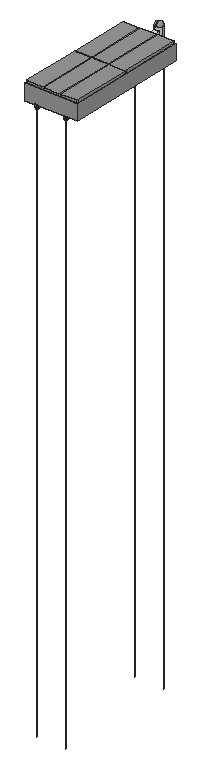
Revit family "62168", category Lighting Fixtures, host Face, Revit 2018
Family settings
  Host = Face
  Round Connector Dimension = Use Diameter
  Part Type = Normal
  OmniClass Number = 23.80.70.00
  OmniClass Title = Lighting
  Cut with Voids When Loaded = No
  Light Source = Yes
  Shared = No
  Room Calculation Point = No
Parameters (values of type "0062168 KUBIXX 4000K 32KLM AISLE SSA N")
  Weight = "n/a"
  Wattage Comments = ""
  Wattage = 9.2903 W
  WarrantyStartDate [instance] = "n/a"
  WarrantyGuarantorParts = "n/a"
  WarrantyDurationUnit = "n/a"
  WarrantyDurationParts = ""
  WarrantyDescription = "http://www.sylvania-lighting.com"
  built-in parameter 1150110 = 1 (stored number, unit not read)
  Voltage = 0 V
  URL = "0"
  TypeName = "KubiXx 4000K 32KLM AISLE SSA N"
  Type Image = <None>
  Type Comments = "n/a"
  built-in parameter 1114217 = 1 (stored number, unit not read)
  Total Length = 732 mm
  Tilt Angle = -90.00°
  built-in parameter 1150109 = 1 (stored number, unit not read)
  built-in parameter 1150134 = 3
  Suspension height = 3000 mm
  built-in parameter 1150113 = 1 (stored number, unit not read)
  SerialNumber [instance] = "n/a"
  Photometric Web File = "0062168.IES"
  Material_3_SYL = none
  PowerFactor = 0
  PowerConsumption = "Lighting"
  NominalLength = 280 mm
  NominalHeight = 94 mm
  NominalDepth = 650 mm
  Name = "KubiXx 4000K 32KLM AISLE SSA N"
  ModelReference = Name  # "KubiXx 4000K 32KLM AISLE SSA N"
  ModelNumber = "0062168"
  Model = Name  # "KubiXx 4000K 32KLM AISLE SSA N"
  Material = "Feilo Sylvania"
  ManufacturerName = "172 lm/W"
  Manufacturer = ""
  LuminousEfficacy = ""
  built-in parameter 1150105 = 109.82 (stored number, unit not read)
  Lumens = 1380 lm
  LuminaireType = "0"
  built-in parameter 1150115 = 1 (stored number, unit not read)
  LightOutputRatio = "LED"
  built-in parameter 1150137 = (empty or 0)
  built-in parameter 1150139 = (empty or 0)
  LampsType = Lamp  # "n/a"
  LampNominalLuminous = "4000 K"
  LampMacAdamStep = "80"
  LampColourTemperature = "LED"
  LampColourRenderingIndex = "16500"
  built-in parameter 1150112 = 1 (stored number, unit not read)
  built-in parameter 1150114 = 1 (stored number, unit not read)
  Lamp = "n/a"
  Keynote = "n/a"
  InstallationDate [instance] = "n/a"
  InputVoltage = "0"
  InputNominalFrequency = "4000"
  built-in parameter 1150132 = (empty or 0)
  built-in parameter 1150102 = (empty or 0)
  built-in parameter 1150107 = 3200 (stored number, unit not read)
  built-in parameter 1150138 = (empty or 0)
  IngressProtection = "IfcLightFixtureType"
  ImpactProtectionIndex = "IfcLightFixtureType"
  built-in parameter 1150106 = 1.0982 (stored number, unit not read)
  IfcExportType = "IfcLightFixtureType"
  IfcExportAs = "Class I"
  Emit from Circle Diameter = 609.6 mm
  Emit Shape Visible in Rendering = no
  ElectricShockClassification = "172"
  built-in parameter 1150104 = 13.8 (stored number, unit not read)
  DocumentationLiterature = "http://www.sylvania-lighting.com/product/en-int/products/0062168"
  DimmingControlOptions = "n/a"
  Material_2_SYL = none
  Dimming Lamp Color Temperature Shift = <None>
  Description = "Logistics and Industry high bay luminaire with wide optics to provide homogenous light distribution for open space areas. 32500lumens, 188W, 172lm/W, 4000K, CRI80, wide beam optic, SylSmart SSA dimmable, 3 step MacAdam ellipse, grey finish (RAL7012), Class 1, 220-240V, IP65, IK06."
  Default Elevation = 1219.2 mm
  CreatedOn = "09/11/2023"
  CreatedBy = "@sylvania-lighting.com"
  Cost = 0
  Color Filter = 16777215
  built-in parameter 1114216 [instance] = (empty or 0)
  ClassificationValue = "EF_70_80"
  ClassificationName = "Uniclass2015"
  Material_1_SYL = none
  BarCode [instance] = "n/a"
  built-in parameter 1114218 = 1 (stored number, unit not read)
  built-in parameter 1150133 = 10 (stored number, unit not read)
  AssetType = "Fixed"
  AssetIdentifier [instance] = "n/a"
  Assembly Code = "D5020200"
  Apparent Load = 188 VA
  Material_4_SYL = none
Reference planes
  plane 1 "Center (Front/Back)": y = 0
  plane 2: z = 0
  plane 3 "Center (Left/Right)": x = 0
  plane 4: x = -140
  plane 5: x = 140
  plane 6: y = 325
  plane 7: y = -325
  plane 8: y = 160
  plane 9: y = -160
  plane 10: x = -93.6
  plane 11: x = -89.2
  plane 12: x = -2.2
  plane 13: x = 2.2
  plane 14: x = 89.2
  plane 15: x = 93.6
  plane 16: x = 77.2
  plane 17: x = -77.2
  plane 18: x = -87.2
  plane 19: x = -67.2
  plane 20: z = -18
  plane 21: y = 162
  plane 22: z = -8
  plane 23: y = -162
  plane 24: z = 3083
  plane 25: z = 3094
  plane 26: y = 163.5
  plane 27: z = 3000
  plane 28: z = 2982
  plane 29: x = 138.6
  plane 30: x = -138.6
  plane 31: x = 134.2
  plane 32: x = -134.2
  plane 33: x = 47.2
  plane 34: x = -47.2
  plane 35: x = 42.795
  plane 36: x = -42.778
  plane 37: y = -320.6
  plane 38: y = 1
  plane 39: y = -1
  plane 40: z = 3094
  plane 41: y = 407
Forms (mm)
  Extrusion 1, solid, material "Aluminum", detail levels medium+fine
    sketch origin (0, 0, 0) x (1, 0, 0) y (0, 1, 0)
      loop
        line (-140, 325) -> (-140, -325) -> (140, -325) -> (140, 325) -> (-140, 325)
    from 3000 to 3083
  Extrusion 2, solid, material "Acetal Resin, White", detail levels medium+fine
    sketch origin (91.4, 160.6, 0) x (1, 0, 0) y (0, 1, 0)
      loop
        arc (-220.89, 160) -> (-224.425, 158.536) -> (-225.89, 155) r 5
        line (-225.89, 155) -> (-225.89, -154.6)
        arc (-225.89, -154.6) -> (-224.425, -158.136) -> (-220.89, -159.6) r 5
        line (-220.89, -159.6) -> (-143.578, -159.6)
        arc (-143.578, -159.6) -> (-140.042, -158.136) -> (-138.578, -154.6) r 5
        line (-138.578, -154.6) -> (-138.578, 155)
        arc (-138.578, 155) -> (-140.042, 158.536) -> (-143.578, 160) r 5
        line (-143.578, 160) -> (-220.89, 160)
    from 3083 to 3094
  Extrusion 3, solid, material "Acetal Resin, White", detail levels medium+fine
    sketch origin (182.8, 160.6, 0) x (1, 0, 0) y (0, 1, 0)
      loop
        arc (-130.605, 160) -> (-134.141, 158.536) -> (-135.605, 155) r 5
        line (-135.605, 155) -> (-135.605, -154.6)
        arc (-135.605, -154.6) -> (-134.141, -158.136) -> (-130.605, -159.6) r 5
        line (-130.605, -159.6) -> (-53.412, -159.6)
        arc (-53.412, -159.6) -> (-49.876, -158.136) -> (-48.412, -154.6) r 5
        line (-48.412, -154.6) -> (-48.412, 155)
        arc (-48.412, 155) -> (-49.876, 158.536) -> (-53.412, 160) r 5
        line (-53.412, 160) -> (-130.605, 160)
    from 3083 to 3094
  Extrusion 4, solid, material "Aluminum", detail levels fine
    sketch origin (0, 0, 2992) x (1, 0, 0) y (0, 0, 1)
      loop
        line (-87.2, 8) -> (-87.2, 0)
        arc (-87.2, 0) -> (-84.271, -7.071) -> (-77.2, -10) r 10
        arc (-77.2, -10) -> (-70.129, -7.071) -> (-67.2, 0) r 10
        line (-67.2, 0) -> (-67.2, 8) -> (-87.2, 8)
    from -325 to -322
  Extrusion 5, void
    sketch origin (0.086, 0, 2990.692) x (1, 0, 0) y (0, 0, 1)
      loop
        circle (-77.2, 0) r 3
    from -350.589 to 380.147
  Extrusion 6, solid, material "Aluminum", detail levels fine
    sketch origin (154.4, 0, 2992) x (1, 0, 0) y (0, 0, 1)
      loop
        line (-87.2, 8) -> (-87.2, 0)
        arc (-87.2, 0) -> (-84.271, -7.071) -> (-77.2, -10) r 10
        arc (-77.2, -10) -> (-70.129, -7.071) -> (-67.2, 0) r 10
        line (-67.2, 0) -> (-67.2, 8) -> (-87.2, 8)
    from -325 to -322
  Extrusion 7, void
    sketch origin (154.475, 0, 2991.254) x (1, 0, 0) y (0, 0, 1)
      loop
        circle (-77.2, 0) r 3
    from -394.188 to 347.516
  Extrusion 8, solid, material "Aluminum", detail levels fine
    sketch origin (0, 0, 2992) x (1, 0, 0) y (0, 0, 1)
      loop
        line (-87.2, 8) -> (-87.2, 0)
        arc (-87.2, 0) -> (-84.271, -7.071) -> (-77.2, -10) r 10
        arc (-77.2, -10) -> (-70.129, -7.071) -> (-67.2, 0) r 10
        line (-67.2, 0) -> (-67.2, 8) -> (-87.2, 8)
    from 325 to 322
  Extrusion 9, solid, material "Aluminum", detail levels fine
    sketch origin (153.445, 0, 2992) x (1, 0, 0) y (0, 0, 1)
      loop
        line (-86.235, 8) -> (-86.235, 0.111)
        arc (-86.235, 0.111) -> (-83.306, -6.96) -> (-76.235, -9.889) r 10
        arc (-76.235, -9.889) -> (-69.163, -6.96) -> (-66.235, 0.111) r 10
        line (-66.235, 0.111) -> (-66.235, 8) -> (-86.235, 8)
    from 325 to 322
  Extrusion 10, solid, material "Stainless Steel"
    sketch origin (-0.029, 159.919, 0) x (1, 0, 0) y (0, 1, 0)
      loop
        circle (-77.2, 163.5) r 1
    from 0 to 3000
  Extrusion 11, solid, material "Stainless Steel"
    sketch origin (154.4, 159.993, 0) x (1, 0, 0) y (0, 1, 0)
      loop
        circle (-77.2, 163.5) r 1
    from 0 to 3000
  Extrusion 12, solid, material "Stainless Steel"
    sketch origin (0, -327, 0) x (1, 0, 0) y (0, 1, 0)
      loop
        circle (-77.2, 3.5) r 1
    from 0 to 3000
  Extrusion 13, solid, material "Stainless Steel"
    sketch origin (154.386, -327.05, 0) x (1, 0, 0) y (0, 1, 0)
      loop
        circle (-77.2, 3.5) r 1
    from 0 to 3000
  Extrusion 14, solid, detail levels coarse
    sketch origin (0, 0, 0) x (1, 0, 0) y (0, 0, 1)
      loop
        line (-140, 3097.667) -> (-140, 0) -> (140, 0) -> (140, 3097.667) -> (-140, 3097.667)
    from -407 to 325
  Extrusion 15, solid, material "Acetal Resin, White", detail levels medium+fine
    sketch origin (181.395, 160.6, 0) x (1, 0, 0) y (0, 1, 0)
      loop
        arc (-219.21, 160) -> (-222.746, 158.536) -> (-224.21, 155) r 5
        line (-224.21, 155) -> (-224.21, -154.6)
        arc (-224.21, -154.6) -> (-222.746, -158.136) -> (-219.21, -159.6) r 5
        line (-219.21, -159.6) -> (-143.578, -159.6)
        arc (-143.578, -159.6) -> (-140.042, -158.136) -> (-138.578, -154.6) r 5
        line (-138.578, -154.6) -> (-138.578, 155)
        arc (-138.578, 155) -> (-140.042, 158.536) -> (-143.578, 160) r 5
        line (-143.578, 160) -> (-219.21, 160)
    from 3083 to 3094
  Extrusion 16, solid, material "Acetal Resin, White", detail levels medium+fine
    sketch origin (91.4, -160.6, 0) x (1, 0, 0) y (0, 1, 0)
      loop
        arc (-220.89, 159.6) -> (-224.425, 158.136) -> (-225.89, 154.6) r 5
        line (-225.89, 154.6) -> (-225.89, -155)
        arc (-225.89, -155) -> (-224.425, -158.536) -> (-220.89, -160) r 5
        line (-220.89, -160) -> (-143.578, -160)
        arc (-143.578, -160) -> (-140.042, -158.536) -> (-138.578, -155) r 5
        line (-138.578, -155) -> (-138.578, 154.6)
        arc (-138.578, 154.6) -> (-140.042, 158.136) -> (-143.578, 159.6) r 5
        line (-143.578, 159.6) -> (-220.89, 159.6)
    from 3083 to 3094
  Extrusion 17, solid, material "Acetal Resin, White", detail levels medium+fine
    sketch origin (182.8, -160.6, 0) x (1, 0, 0) y (0, 1, 0)
      loop
        arc (-130.605, 159.6) -> (-134.141, 158.136) -> (-135.605, 154.6) r 5
        line (-135.605, 154.6) -> (-135.605, -155)
        arc (-135.605, -155) -> (-134.141, -158.536) -> (-130.605, -160) r 5
        line (-130.605, -160) -> (-53.412, -160)
        arc (-53.412, -160) -> (-49.876, -158.536) -> (-48.412, -155) r 5
        line (-48.412, -155) -> (-48.412, 154.6)
        arc (-48.412, 154.6) -> (-49.876, 158.136) -> (-53.412, 159.6) r 5
        line (-53.412, 159.6) -> (-130.605, 159.6)
    from 3083 to 3094
  Extrusion 18, solid, material "Acetal Resin, White", detail levels medium+fine
    sketch origin (181.395, -160.6, 0) x (1, 0, 0) y (0, 1, 0)
      loop
        arc (-219.21, 159.6) -> (-222.746, 158.136) -> (-224.21, 154.6) r 5
        line (-224.21, 154.6) -> (-224.21, -155)
        arc (-224.21, -155) -> (-222.746, -158.536) -> (-219.21, -160) r 5
        line (-219.21, -160) -> (-143.578, -160)
        arc (-143.578, -160) -> (-140.042, -158.536) -> (-138.578, -155) r 5
        line (-138.578, -155) -> (-138.578, 154.6)
        arc (-138.578, 154.6) -> (-140.042, 158.136) -> (-143.578, 159.6) r 5
        line (-143.578, 159.6) -> (-219.21, 159.6)
    from 3083 to 3094
  Blend 19, solid
    base sketch origin (0, 160.036, -0.067) x (1, 0, 0) y (0, 1, 0)
      loop
        circle (0, 228) r 19
    top sketch origin (0, 160.036, -0.067) x (1, 0, 0) y (0, 1, 0)
      loop
        circle (0, 228) r 19
    from 3039 to 3094
  Revolve 20, solid, material "Acetal Resin, White"
    sketch origin (-0.021, 1684.036, 1219.17) x (0, 1, 0) y (0, 0, 1)
      loop
        line (-1296, 1874.8) -> (-1277, 1874.8)
        arc (-1277, 1874.8) -> (-1282.5, 1888.6) -> (-1296, 1894.8) r 20
        line (-1296, 1894.8) -> (-1296, 1874.8)
      axis (-1296, 1894.8) -> (-1296, 1874.8)
    angle from 179.389 to 539.028
  Extrusion 21, solid
    sketch origin (0, 160.036, -0.067) x (1, 0, 0) y (0, 1, 0)
      loop
        line (-13.5, 214.609) -> (-13.5, 165) -> (13.5, 165) -> (13.5, 214.609) -> (-13.5, 214.609)
    from 3039 to 3083
  Extrusion 22, void
    sketch origin (319, 1684.036, 1219.133) x (0, 1, 0) y (0, 0, 1)
      loop
        line (-1309.391, 1863.8) -> (-1359, 1863.8) -> (-1359, 1843.8) -> (-1333.226, 1843.8) -> (-1309.391, 1863.8)
    from -343.775 to -294
  Blend 23, solid, not visible
    base sketch origin (0, 0, 0) x (1, 0, 0) y (0, 1, 0)
      loop
        circle (0, 228) r 19
    top sketch origin (0, 0, 0) x (1, 0, 0) y (0, 1, 0)
      loop
        circle (0, 228) r 19
    from 3039 to 3094
  Revolve 24, solid, material "Acetal Resin, White", not visible
    sketch origin (-0.021, 1524, 1219.237) x (0, 1, 0) y (0, 0, 1)
      loop
        line (-1296, 1874.8) -> (-1277, 1874.8)
        arc (-1277, 1874.8) -> (-1282.5, 1888.6) -> (-1296, 1894.8) r 20
        line (-1296, 1894.8) -> (-1296, 1874.8)
      axis (-1296, 1894.8) -> (-1296, 1874.8)
    angle from 179.389 to 539.028
  Extrusion 25, solid, not visible
    sketch origin (0, 0, 0) x (1, 0, 0) y (0, 1, 0)
      loop
        line (-13.5, 214.609) -> (-13.5, 165) -> (13.5, 165) -> (13.5, 214.609) -> (-13.5, 214.609)
    from 3039 to 3083
  Extrusion 26, void, not visible
    sketch origin (319, 1524, 1219.2) x (0, 1, 0) y (0, 0, 1)
      loop
        line (-1309.391, 1863.8) -> (-1359, 1863.8) -> (-1359, 1843.8) -> (-1333.226, 1843.8) -> (-1309.391, 1863.8)
    from -343.775 to -294
Cuts and joins
  Extrusion 5 cuts Extrusion 4
  Extrusion 5 cuts Extrusion 8
  Extrusion 7 cuts Extrusion 6
  Extrusion 7 cuts Extrusion 9
  Extrusion 22 cuts Extrusion 21
Dimensions and locks
  "NominalLength": plane 4 to plane 5
  equal spacing: plane 4, plane 3 "Center (Left/Right)", plane 5
  "NominalDepth": plane 6 to plane 7
  equal spacing: plane 6, plane 1 "Center (Front/Back)", plane 7
  Extrusion 3 to plane 3 "Center (Left/Right)" = 47.195 mm
  plane 3 "Center (Left/Right)" to Extrusion 2 = 134.49 mm
  "Suspension height": level to plane 27
  plane 25 to plane 24 = 11 mm
  "NominalHeight": plane 27 to plane 25
  plane 14 to Extrusion 6 = 22 mm
  "Total Length": plane 41 to plane 7
  aligned and locked: plane 2 to host face
  aligned and locked: level to host face
Automatic sketch dimensions
  host sketch curve to host sketch curve = 2438.4 mm  (x2)
  Extrusion 1 sketch curve to plane 4 = 0 mm
  Extrusion 1 sketch curve to plane 5 = 0 mm
  Extrusion 1 sketch curve to plane 7 = 0 mm
  Extrusion 1 sketch curve to plane 6 = 0 mm
  plane 32 to Extrusion 2 sketch curve = 0.29 mm
  Extrusion 2 sketch curve to plane 1 "Center (Front/Back)" = 1 mm
  Extrusion 2 sketch curve to plane 32 = 4.71 mm  (x2)
  plane 34 to Extrusion 2 sketch curve = 4.978 mm  (x2)
  Extrusion 2 sketch curve to plane 34 = 0.022 mm
  plane 33 to Extrusion 3 sketch curve = 0.005 mm
  Extrusion 3 sketch curve to plane 1 "Center (Front/Back)" = 1 mm
  Extrusion 3 sketch curve to plane 33 = 4.995 mm  (x2)
  plane 31 to Extrusion 3 sketch curve = 4.812 mm  (x2)
  Extrusion 3 sketch curve to plane 31 = 0.188 mm
  Extrusion 4 sketch curve to Extrusion 4 sketch curve = 0 mm  (x2)
  Extrusion 4 sketch curve to plane 18 = 0 mm
  Extrusion 4 sketch curve to plane 17 = 0 mm
  Extrusion 4 sketch curve to plane 28 = 0 mm
  Extrusion 4 sketch curve to plane 27 = 0 mm
  plane 17 to Extrusion 5 sketch curve = 0.086 mm
  plane 28 to Extrusion 5 sketch curve = 8.692 mm
  Extrusion 6 sketch curve to Extrusion 6 sketch curve = 0 mm  (x2)
  Extrusion 6 sketch curve to plane 27 = 0 mm
  Extrusion 6 sketch curve to plane 16 = 0 mm
  Extrusion 6 sketch curve to plane 28 = 0 mm
  Extrusion 6 sketch curve to plane 16 = 10 mm
  plane 16 to Extrusion 7 sketch curve = 0.075 mm
  Extrusion 7 sketch curve to plane 27 = 8.746 mm
  Extrusion 8 sketch curve to Extrusion 8 sketch curve = 0 mm  (x2)
  Extrusion 8 sketch curve to plane 18 = 0 mm
  Extrusion 8 sketch curve to plane 17 = 0 mm
  Extrusion 8 sketch curve to plane 28 = 0 mm
  Extrusion 8 sketch curve to plane 27 = 0 mm
  Extrusion 9 sketch curve to Extrusion 9 sketch curve = 0 mm  (x2)
  Extrusion 9 sketch curve to plane 27 = 0 mm
  Extrusion 9 sketch curve to plane 16 = 9.989 mm
  plane 16 to Extrusion 9 sketch curve = 0.011 mm
  Extrusion 9 sketch curve to Extrusion 9 sketch curve = 7.889 mm
  Extrusion 10 sketch curve to plane 17 = 0.029 mm
  Extrusion 10 sketch curve to plane 6 = 1.581 mm
  Extrusion 11 sketch curve to plane 16 = 0 mm
  Extrusion 11 sketch curve to plane 6 = 1.507 mm
  Extrusion 12 sketch curve to plane 17 = 0 mm
  plane 7 to Extrusion 12 sketch curve = 1.5 mm
  Extrusion 13 sketch curve to plane 16 = 0.014 mm
  plane 7 to Extrusion 13 sketch curve = 1.45 mm
  Extrusion 14 sketch curve to level = 0 mm
  Extrusion 14 sketch curve to plane 4 = 0 mm
  Extrusion 14 sketch curve to plane 5 = 0 mm
  plane 25 to Extrusion 14 sketch curve = 3.667 mm
  plane 36 to Extrusion 15 sketch curve = 0.038 mm
  Extrusion 15 sketch curve to plane 1 "Center (Front/Back)" = 1 mm
  Extrusion 15 sketch curve to plane 36 = 4.962 mm  (x2)
  plane 35 to Extrusion 15 sketch curve = 4.978 mm  (x2)
  Extrusion 15 sketch curve to plane 35 = 0.022 mm
  Extrusion 16 sketch curve to plane 37 = 0 mm
  plane 32 to Extrusion 16 sketch curve = 0.29 mm
  Extrusion 16 sketch curve to plane 32 = 4.71 mm  (x2)
  plane 1 "Center (Front/Back)" to Extrusion 16 sketch curve = 1 mm
  plane 34 to Extrusion 16 sketch curve = 4.978 mm  (x2)
  Extrusion 16 sketch curve to plane 34 = 0.022 mm
  Extrusion 17 sketch curve to plane 37 = 0 mm
  plane 33 to Extrusion 17 sketch curve = 0.005 mm
  Extrusion 17 sketch curve to plane 33 = 4.995 mm  (x2)
  plane 1 "Center (Front/Back)" to Extrusion 17 sketch curve = 1 mm
  plane 31 to Extrusion 17 sketch curve = 4.812 mm  (x2)
  Extrusion 17 sketch curve to plane 31 = 0.188 mm
  Extrusion 18 sketch curve to plane 37 = 0 mm
  plane 36 to Extrusion 18 sketch curve = 0.038 mm
  Extrusion 18 sketch curve to plane 36 = 4.962 mm  (x2)
  plane 1 "Center (Front/Back)" to Extrusion 18 sketch curve = 1 mm
  plane 35 to Extrusion 18 sketch curve = 4.978 mm  (x2)
  Extrusion 18 sketch curve to plane 35 = 0.022 mm
  Extrusion 2 sketch curve to plane 6 = 9.4 mm
  Extrusion 3 sketch curve to plane 6 = 9.4 mm
  Extrusion 15 sketch curve to plane 6 = 9.4 mm
  Revolve 20 sketch curve to Revolve 20 sketch curve = 1 mm
  Revolve 20 sketch curve to Revolve 20 sketch curve = 19 mm
  Revolve 20 sketch curve to Revolve 20 sketch curve = 0.025 mm
  Revolve 20 sketch curve to Revolve 20 sketch curve = 0 mm
  Revolve 20 sketch curve to Revolve 20 sketch curve = 8.022 mm
  Revolve 20 sketch curve to Revolve 20 sketch curve = 11.978 mm
  Extrusion 21 sketch curve to Extrusion 21 sketch curve = 27 mm
  Extrusion 21 sketch curve to Extrusion 21 sketch curve = 49.609 mm
  Extrusion 22 sketch curve to Extrusion 22 sketch curve = 25.774 mm
  Extrusion 22 sketch curve to Extrusion 22 sketch curve = 23.835 mm
  Extrusion 22 sketch curve to Extrusion 22 sketch curve = 20 mm
  Revolve 24 sketch curve to Revolve 24 sketch curve = 1 mm
  Revolve 24 sketch curve to Revolve 24 sketch curve = 19 mm
  Revolve 24 sketch curve to Revolve 24 sketch curve = 0.025 mm
  Revolve 24 sketch curve to Revolve 24 sketch curve = 0 mm
  Revolve 24 sketch curve to Revolve 24 sketch curve = 8.022 mm
  Revolve 24 sketch curve to Revolve 24 sketch curve = 11.978 mm
  Extrusion 25 sketch curve to Extrusion 25 sketch curve = 27 mm
  Extrusion 25 sketch curve to Extrusion 25 sketch curve = 49.609 mm
  Extrusion 26 sketch curve to Extrusion 26 sketch curve = 25.774 mm
  Extrusion 26 sketch curve to Extrusion 26 sketch curve = 23.835 mm
  Extrusion 26 sketch curve to Extrusion 26 sketch curve = 20 mm
  Blend 19 sketch curve to plane 3 "Center (Left/Right)" = 0 mm  (x2)
  Blend 19 sketch curve to plane 41 = 18.964 mm  (x2)
  Revolve 20 sketch curve to plane 25 = 0.005 mm
  Revolve 20 sketch curve to plane 41 = 19.964 mm
  plane 6 to Extrusion 21 sketch curve = 0.036 mm
  Extrusion 21 sketch curve to plane 12 = 11.3 mm
  plane 6 to Extrusion 22 sketch curve = 0.036 mm
  Extrusion 22 sketch curve to plane 24 = 20.067 mm
  radius of Extrusion 5 sketch curve = 3 mm
  radius of Extrusion 7 sketch curve = 3 mm
  radius of Extrusion 10 sketch curve = 1 mm
  radius of Extrusion 11 sketch curve = 1 mm
  radius of Extrusion 12 sketch curve = 1 mm
  radius of Extrusion 13 sketch curve = 1 mm
  radius of Blend 19 sketch curve = 19 mm  (x2)
  radius of Blend 23 sketch curve = 19 mm  (x2)
Connectors
  electrical at (0, 0, 3000)
    settings: on Extrusion 1, index 1, voltage 0 V, apparent load 0 VA, apparent load phase1 0 VA, apparent load phase2 0 VA, apparent load phase3 0 VA, power factor 1, load classification "Other", number of poles 1, system type 31, power factor state 1, is connector primary yes, connector utility no, sub classification motor no, connector description ""
